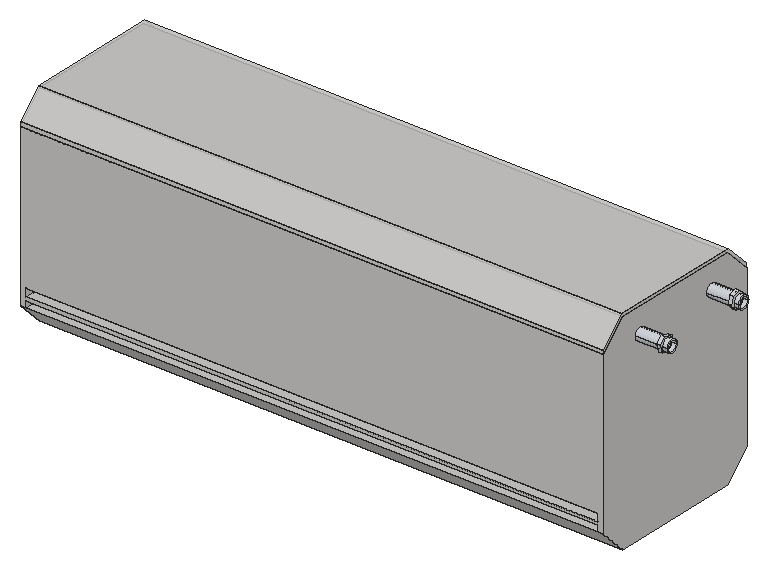
Revit family "Air-Curtain_Customer-Entry_PoweredAire_CED-HW-ST", category Mechanical Equipment, host Face, Revit 2022
Family settings
  Host = Face
  Round Connector Dimension = Use Diameter
  Part Type = Normal
  OmniClass Number = 23.75.35.17.21
  OmniClass Title = Air Curtains
  Cut with Voids When Loaded = No
  Maintain Annotation Orientation = No
  Shared = No
  Room Calculation Point = No
Parameters
  upperrotation [instance] = if(Upper Pipe Connection Side A, 0.00°, 180.00°)  # 0.00°
  lowerrotation [instance] = if(Lower Pipe Connection Side A, 0.00°, 180.00°)  # 0.00°
  locateupperpipe [instance] = 0.00"
  locatelowerpipe [instance] = 0.00"
  Upper Pipe Connection Side A [instance] = yes
  Unit Width Notes = "Other Widths available."  # constant formula
  Unit Width [instance] = 49.00"
  Unit Weight = 0
  Unit Height [instance] = 15.00"
  Unit Depth [instance] = 17.50"
  URL = "http://www.poweredaire.com/"
  Specification = ""
  Projection from Host [instance] = 2.00"
  Product Page URL = "https://www.arcat.com/company/powered-aire-inc-47623"
  Power Rating = 0 W
  Piping_Water Flow [instance] = 0 GPM
  Piping_Operating Pressure [instance] = 0.00 psi
  Piping_Exit Temperature [instance] = 0 °F
  Piping_Entry Temperature [instance] = 0 °F
  Pipe OD [instance] = 5/8"
  Mounting Width = 45.00"
  Mounting Height [instance] = 50.00"
  Motor RPM = 0
  Motor HP = 0
  Motor Count = 0
  Model = "ECE ST"
  Max Height = 0.00"
  Manufacturer = "Powered Aire, Inc"
  Lower Pipe Connection Side A [instance] = yes
  Keynote = "23 34 33"
  Junction height [instance] = 2.25"
  Include Filters [instance] = no
  Include Clearance [instance] = yes
  Heating Element Load = 0 W
  HVAC_Temperature Rise [instance] = 0 °F
  HVAC_Outlet Volume [instance] = 0 CFM
  HVAC_Outlet Velocity Uniformity = 0
  HVAC_Outlet Velocity [instance] = 0 FPM
  HVAC_BTU Input = 0.0 Btu/h
  Front Grating Material [instance] = Metal - Steel - PoweredAire - Stainless 304 Perforated
  Frame Finish [instance] = Metal - Steel - PoweredAire - Stainless 304
  Electrical_Wattage [instance] = Power Rating + Heating Element Load  # 0 W
  Electrical_Voltage [instance] = 0 V
  Electrical_Phase [instance] = 1
  Electrical_Frequency [instance] = 0 Hz
  Electrical_Amperage [instance] = 0 A
  Description = ""
  Default Elevation = 0.00"  # constant formula
  Copyright = "©Arcat Inc."
  Clearance_Top [instance] = 20.50"
  Clearance_Side B [instance] = 11.875"
  Clearance_Side A [instance] = 11.875"
  Clearance_Intake [instance] = 8.75"
  Clearance_Bottom [instance] = 12.00"
  Clearance Material [instance] = ARCAT Clearance
  CAD Details = ""
  Assembly Code = "D3090400"
Reference planes (in)
  plane 1 "Center (Elevation)": y = 8.13818
  plane 2: z = 0
  plane 3 "Center (Left/Right)": x = 0
  plane 4 "FF": y = -41.86182
  plane 5: z = 2
  plane 6: x = 24.5
  plane 7: x = -24.5
  plane 8: z = 19.5
  plane 9: z = 17.5
  plane 10: z = 4
  plane 11: y = 15.63818
  plane 12: y = 0.63818
  plane 13: z = 0
  plane 14: x = -24.03
  plane 15: x = 24.03
  plane 16: y = 17.88818
Forms (in)
  Extrusion 1, solid, material "Metal - Steel - PoweredAire - Stainless 304" <- "Frame Finish"
    sketch origin (0, 0, 6.73006) x (0, 1, 0) y (0, 0, 1)
      loop
        line (0.63818, -2.73006) -> (2.63818, -4.73006) -> (13.63818, -4.73006) -> (15.63818, -2.73006) -> (15.63818, 10.76994) -> (13.63818, 12.76994) -> (2.63818, 12.76994) -> (0.63818, 10.76994) -> (0.63818, -2.73006)
    from -24.5 to 24.5
  Extrusion 2, void
    sketch origin (0, 0.875, 1) x (0, 1, 0) y (0, 0, 1)
      loop
        line (-0.23682, 3) -> (0.76318, 3) -> (0.76318, 4.5) -> (-0.23682, 4.5) -> (-0.23682, 3.82425) -> (0.61636, 3.82425) -> (0.61636, 3.57425) -> (-0.23682, 3.57425) -> (-0.23682, 3)
    from -24.03 to 24.03
  Extrusion 3, solid
    sketch origin (0, 8.13818, 0) x (1, 0, 0) y (0, 0, 1)
      loop
        line (1.75, 15.38) -> (-1.75, 15.38)
        arc (-1.75, 15.38) -> (-1.92678, 15.30678) -> (-2, 15.13) r 0.25
        line (-2, 15.13) -> (-2, 11.63)
        arc (-2, 11.63) -> (-1.92678, 11.45322) -> (-1.75, 11.38) r 0.25
        line (-1.75, 11.38) -> (1.75, 11.38)
        arc (1.75, 11.38) -> (1.92678, 11.45322) -> (2, 11.63) r 0.25
        line (2, 11.63) -> (2, 15.13)
        arc (2, 15.13) -> (1.92678, 15.30678) -> (1.75, 15.38) r 0.25
      loop
        circle (1.75, 15.13) r 0.03224
      loop
        circle (-1.75, 11.63) r 0.03224
    from -9.75 to -7.5
  Extrusion 4, solid, material "Metal - Steel - PoweredAire - Stainless 304 Perforated" <- "Front Grating Material"
    sketch origin (0, 0, 0) x (0, 1, 0) y (0, 0, 1)
      loop
        line (15.63818, 17.5) -> (15.63818, 17.83698) -> (13.73688, 19.73828) -> (2.53948, 19.73828) -> (0.63818, 17.83698) -> (0.63818, 17.5) -> (2.63818, 19.5) -> (13.63818, 19.5) -> (15.63818, 17.5)
    from -24.5 to 24.5
  Extrusion 5, void
    sketch origin (0, 8.13818, 0) x (1, 0, 0) y (0, 0, 1)
      loop
        circle (24, 15.5) r 0.19
      loop
        circle (24, 6) r 0.19
      loop
        circle (-24, 15.5) r 0.19
      loop
        circle (-24, 6) r 0.19
    from -9.75 to 0
Cuts and joins
  Extrusion 2, Extrusion 5 cuts Extrusion 1
Dimensions and locks (in)
  equal spacing: plane 7, plane 3 "Center (Left/Right)", plane 6
  "Unit Width": plane 7 to plane 6
  equal spacing: plane 12, plane 1 "Center (Elevation)", plane 11
  "Unit Height": plane 12 to plane 11
  Extrusion 2 sketch curve to Extrusion 2 sketch curve to Extrusion 2 sketch curve to Extrusion 2 sketch curve = 0.67575" locked, 0.25" locked, 0.57425" locked
  locked: Extrusion 2 sketch curve to Extrusion 2 sketch curve at 0.14681
  locked: Extrusion 1 sketch curve to plane 5 at 2  (x2)
  locked: Extrusion 3 sketch curve to Extrusion 3 sketch curve at 4  (x2)
  equal spacing: Extrusion 3 sketch curve, plane 3 "Center (Left/Right)", Extrusion 3 sketch curve
  locked: Extrusion 3 sketch curve to plane 9 at 2.12
  locked: plane 10 to plane 5 at 2
  locked: plane 11 to Extrusion 1 sketch curve at 2
  locked: Extrusion 1 sketch curve to plane 12 at 2
  locked: plane 8 to plane 9 at 2
  "Unit Depth": plane 8 to plane 5
  "Projection from Host": plane 5 to plane 13
  locked: nested 1 to plane 12 at 3.75027
  locked: nested 2 to plane 11 at 3.75027
  "Mounting Height": plane 1 "Center (Elevation)" to plane 4 "FF"
  locked: plane 7 to plane 14 at 0.47
  locked: plane 15 to plane 6 at 0.47
  plane 14 to plane 15 = 48.06"
  "Junction height": plane 11 to plane 16
  aligned and locked: plane 2 to host face
  aligned and locked: level to host face
  aligned and locked: plane 10 to cut or joined group of Extrusion 1, Extrusion 2, Extrusion 5
  aligned and locked: plane 8 to cut or joined group of Extrusion 1, Extrusion 2, Extrusion 5
  aligned and locked: plane 9 to cut or joined group of Extrusion 1, Extrusion 2, Extrusion 5
  aligned and locked: cut or joined group of Extrusion 1, Extrusion 2, Extrusion 5 to plane 8
  aligned and locked: cut or joined group of Extrusion 1, Extrusion 2, Extrusion 5 to plane 5
  aligned and locked: cut or joined group of Extrusion 1, Extrusion 2, Extrusion 5 to plane 10
  aligned and locked: host face to plane 13
  aligned and locked: cut or joined group of Extrusion 1, Extrusion 2, Extrusion 5 to plane 7
  aligned and locked: plane 6 to cut or joined group of Extrusion 1, Extrusion 2, Extrusion 5
  aligned and locked: Extrusion 4 sketch curve to plane 8
  aligned and locked: Extrusion 4 to cut or joined group of Extrusion 1, Extrusion 2, Extrusion 5  (x5)
  aligned and locked: plane 11 to Extrusion 3
  aligned and locked: nested 1 to plane 6
  aligned and locked: plane 15 to cut or joined group of Extrusion 1, Extrusion 2, Extrusion 5
  aligned and locked: cut or joined group of Extrusion 1, Extrusion 2, Extrusion 5 to plane 14
  aligned and locked: Extrusion 4 to plane 11
  aligned and locked: Extrusion 4 to plane 12
  aligned and locked: cut or joined group of Extrusion 1, Extrusion 2, Extrusion 5 to plane 12  (x2)
  aligned and locked: cut or joined group of Extrusion 1, Extrusion 2, Extrusion 5 to plane 11  (x2)
  aligned and locked: plane 12 to Extrusion 1 sketch curve
  aligned and locked: Extrusion 1 sketch curve to plane 11
  aligned and locked: Extrusion 5 to Extrusion 3
  aligned and locked: Extrusion 1 sketch curve to Extrusion 4
  aligned and locked: Extrusion 2 sketch curve to plane 12
  aligned and locked: plane 12 to cut or joined group of Extrusion 1, Extrusion 2, Extrusion 5
  aligned and locked: plane 1 "Center (Elevation)" to cut or joined group of Extrusion 1, Extrusion 2, Extrusion 5
  aligned and locked: Extrusion 1 to plane 11
  aligned and locked: plane 16 to Extrusion 3
Automatic sketch dimensions
  host sketch curve to host sketch curve = 96.00"  (x2)
  Extrusion 1 sketch curve to plane 8 = 0.00"
  Extrusion 1 sketch curve to plane 5 = 0.00"
  Extrusion 1 sketch curve to plane 9 = 0.00"
  plane 10 to Extrusion 2 sketch curve = 0.00"
  plane 12 to Extrusion 2 sketch curve = 0.85319"
  Extrusion 4 sketch curve to plane 9 = 0.00"  (x2)
  Extrusion 4 sketch curve to plane 12 = 0.00"
  Extrusion 4 sketch curve to plane 11 = 0.00"
  Extrusion 4 sketch curve to Extrusion 4 sketch curve = 0.0987"  (x2)
  plane 8 to Extrusion 4 sketch curve = 0.23828"
  plane 12 to Extrusion 4 sketch curve = 1.9013"
  plane 11 to Extrusion 4 sketch curve = 2.00"
  Extrusion 4 sketch curve to Extrusion 4 sketch curve = 0.33698"
  plane 9 to Extrusion 4 sketch curve = 0.33698"
  Extrusion 2 sketch curve to plane 12 = 0.00"
  plane 11 to Extrusion 1 sketch curve = 2.00"
  Extrusion 3 sketch curve to Extrusion 3 sketch curve = 0.00"  (x4)
  Extrusion 3 sketch curve to Extrusion 3 sketch curve = 0.25"  (x4)
  plane 14 to Extrusion 5 sketch curve = 0.03"  (x2)
  Extrusion 5 sketch curve to plane 15 = 0.03"  (x2)
  Extrusion 5 sketch curve to plane 9 = 2.00"  (x2)
  Extrusion 5 sketch curve to plane 10 = 2.00"  (x2)
  radius of Extrusion 3 sketch curve = 0.03224"  (x2)
  radius of Extrusion 5 sketch curve = 0.19"  (x4)
Nested families (in)
  nested 1: "Valve" at (24.5, 4.38845, 30.15595) x (0, 1, 0) z (1, 0, 0), type "Valve"
    with upperpiperotation 0.00°, lowerpiperotation 0.00°, locateupperpipe 0.00", locatelowerpipe 0.00", Upper Pipe Connection Side A yes, Projection from Host 4.00", Piping_Water Flow 0 GPM, Piping_Operating Pressure 0.00 psi, Piping_Exit Temperature 0 °F, Piping_Entry Temperature 0 °F, Pipe OD 5/8", Mounting Height 42.00", Lower Pipe Connection Side A yes, Include Clearance yes, Front Grating Material Metal - Steel - PoweredAire - White Perforated, Frame Finish Metal - Steel - PoweredAire - Stainless 304, Electrical_Wattage 0 W, Electrical_Voltage 0 V, Electrical_Phase 1, Electrical_Frequency 0 Hz, Electrical_Amperage 0 A, Cover Finish Metal - Steel - PoweredAire - White, Clearance_Top 0.00", Clearance_Side B 0.00", Clearance_Side A 0.00", Clearance_Intake 0.00", Clearance_Front 43.00", Clearance Material ARCAT Clearance
  nested 2: "Valve" at (24.5, 11.88791, 30.15595) x (0, -1, 0) z (1, 0, 0), type "Valve"
    with upperpiperotation 0.00°, lowerpiperotation 0.00°, locateupperpipe 0.00", locatelowerpipe 0.00", Upper Pipe Connection Side A yes, Projection from Host 4.00", Piping_Water Flow 0 GPM, Piping_Operating Pressure 0.00 psi, Piping_Exit Temperature 0 °F, Piping_Entry Temperature 0 °F, Pipe OD 5/8", Mounting Height 42.00", Lower Pipe Connection Side A yes, Include Clearance yes, Front Grating Material Metal - Steel - PoweredAire - White Perforated, Frame Finish Metal - Steel - PoweredAire - Stainless 304, Electrical_Wattage 0 W, Electrical_Voltage 0 V, Electrical_Phase 1, Electrical_Frequency 0 Hz, Electrical_Amperage 0 A, Cover Finish Metal - Steel - PoweredAire - White, Clearance_Top 0.00", Clearance_Side B 0.00", Clearance_Side A 0.00", Clearance_Intake 0.00", Clearance_Front 43.00", Clearance Material ARCAT Clearance
Definition of nested family "Valve"
  Parameters (values of type "Valve")
    upperpiperotation [instance] = if(Upper Pipe Connection Side A, 0.00°, 180.00°)  # 0.00°
    lowerpiperotation [instance] = if(Lower Pipe Connection Side A, 0.00°, 180.00°)  # 0.00°
    locateupperpipe [instance] = if(Upper Pipe Connection Side A, 0.00", Nozzle Width)  # 0.00"
    locatelowerpipe [instance] = if(Lower Pipe Connection Side A, 0.00", Nozzle Width)  # 0.00"
    Upper Pipe Connection Side A [instance] = yes
    Unit Width Notes = "Other Widths available."  # constant formula
    Unit Width = 73.00"
    Unit Weight = 0
    Unit Height = 15.00"
    Unit Depth = 17.00"
    URL = "http://www.poweredaire.com/"
    Specification = ""
    Projection from Host [instance] = 4.00"
    Product Page URL = "https://www.arcat.com/company/powered-aire-inc-47623"
    Power Rating = 0 W
    Piping_Water Flow [instance] = 0 GPM
    Piping_Operating Pressure [instance] = 0.00 psi
    Piping_Exit Temperature [instance] = 0 °F
    Piping_Entry Temperature [instance] = 0 °F
    Pipe OD [instance] = 5/8"
    Nozzle Width = if(1 = 1, Unit Width - 3.00", 0.00")  # 70.00"
    Mounting Width = if(1 = 1, Unit Width - 1.50", 0.00")  # 71.50"
    Mounting Height [instance] = 42.00"
    Motor RPM = 0
    Motor HP = 0
    Motor Count = 0
    Model = "CLD CHD HW ST"
    Max Height = 0.00"
    Manufacturer = "Powered Aire, Inc"
    Lower Pipe Connection Side A [instance] = yes
    Keynote = "23 34 33"
    Junction Height = 1.77"
    Include Clearance [instance] = yes
    Heating Element Load = 0 W
    HVAC_Temperature Rise = 0 °F
    HVAC_Outlet Volume = 0 CFM
    HVAC_Outlet Velocity Uniformity = 0
    HVAC_Outlet Velocity = 0 FPM
    HVAC_BTU Input = 0.0 Btu/h
    Front Grating Material [instance] = none
    Frame Finish [instance] = none
    Electrical_Wattage [instance] = Power Rating + Heating Element Load  # 0 W
    Electrical_Voltage [instance] = 0 V
    Electrical_Phase [instance] = 1
    Electrical_Frequency [instance] = 0 Hz
    Electrical_Amperage [instance] = 0 A
    Description = ""
    Default Elevation = 0.00"  # constant formula
    Cover Finish [instance] = none
    Copyright = "©Arcat Inc."
    Clearance_Top [instance] = 0.00"
    Clearance_Side B [instance] = 0.00"
    Clearance_Side A [instance] = 0.00"
    Clearance_Intake [instance] = 0.00"
    Clearance_Front [instance] = 43.00"
    Clearance Material [instance] = none
    CAD Details = ""
    Assembly Code = "D3090400"
  Reference planes (in)
    plane 1 "Center (Elevation)": y = -12.65595
    plane 2: z = 0
    plane 3 "Center (Left/Right)": x = 0
  Forms (in)
    Extrusion 1, solid
      sketch origin (0, 0, 0) x (1, 0, 0) y (0, 1, 0)
        loop
          line (-60, 48) -> (-60, -48) -> (63.22671, -48) -> (63.22671, 48) -> (-60, 48)
      from 0 to -12
    Extrusion 2, solid
      sketch origin (0, 0, 0) x (1, 0, 0) y (0, 1, 0)
        loop
          circle (0, -12.65595) r 0.45
        loop
          circle (0, -12.65595) r 0.5
      from 0 to 2.75
    Extrusion 3, solid
      sketch origin (0, 0, 0) x (1, 0, 0) y (0, 1, 0)
        loop
          line (0.64691, -12.82929) -> (0.47357, -12.18238) -> (-0.17334, -12.00904) -> (-0.64691, -12.48261) -> (-0.47357, -13.12952) -> (0.17334, -13.30286) -> (0.64691, -12.82929)
        loop
          circle (0, -12.65595) r 0.5
      from 1.99342 to 2.31497
  Dimensions and locks (in)
    aligned and locked: plane 2 to Extrusion 1
    aligned and locked: level to Extrusion 1
